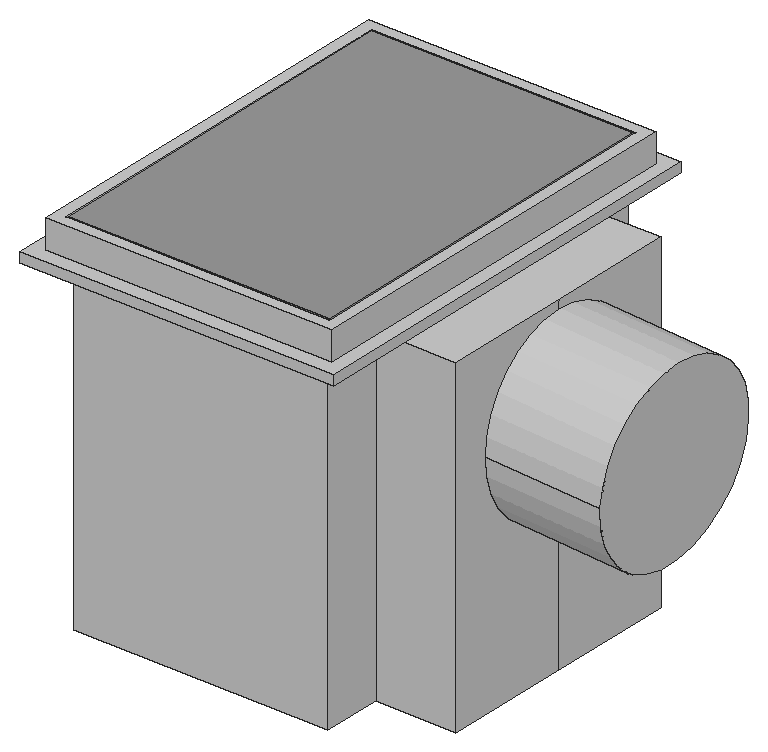
Revit family "HL_RU_Basement drain_HL71G-A-171212", category Instalační zařizovací předměty, Revit 2021
Family settings
  Kóta kulaté spojky = Použít průměr
  Typ dílu = Normální
  Číslo OmniClass = 23.70.50.21.24.14
  Nadpis OmniClass = Deck Waste Water Drains
  Založené na pracovní rovině = Ne
  Vždy vertikální = Ano
  Ořezat dutým tvarem při načtení = Ne
  Sdílené = Ano
  Bod výpočtu místnosti = Ano
Parameters (values of type "HL_Трап для подвалов_HL71G")
  РЕШЁТКА = "155x225 mm/ GJL"
  РАЗМЕР = "DN110"
  ПРОПУСКНАЯ СПОСОБНОСТЬ [instance] = 0.0 L/s
  ПРОИЗВОДИТЕЛЬНОСТЬ = "2,3 l/s"
  ПРАВОВАЯ ИНФОРМАЦИЯ = "\"Авторские права(©), права на дизайн или какие либо другие права интелектуальной собственности являются исключительной собственностью компании HL Hutterer & Lechner. Изменению не подлежит. Файл семейства с данными о прозводителе изделия защищен паролем с водяным знаком.\""
  ПАДЕНИЕ ДАВЛЕНИЯ [instance] = 0.0 Pa
  НОМИНАЛЬНЫЙ ДИАМЕТР = 110 mm
  НАСАДКА = "170x240 mm"
  МАТЕРИАЛ = "ABS"
  МАКСИМАЛЬНАЯ НАГРУЗКА КЛАССА = "A/L15 - 1,5 t"
  ВЫСОТА МОНТАЖА = "220 mm"
  ВЕС = "2,7 kg"
  Výchozí výška = 0 mm
  Přípoj ventilace = no
  Výrobce = "HL Hutterer & Lechner GmbH"
  URL = "http://www.hutterer-lechner.com/ru/products/catalog/roof-drains/HL71G.aspx"
  Přípoj odpadních dílů = yes
  Přípoj HW = no
  Popis = "Трап для подвалов"
  Model = "HL71G"
  Komentáře k typům = "Трап для подвалов DN110 горизонтальный 170х240мм синтетический материал/155х225мм чугун"
  Keynote = "HL71G"
  Высота монтажа [instance] = 0 mm
  Přípoj CW = no
  EAN = "9003076701711"
  D1 [instance] = 192.4 mm
  D [instance] = Высота монтажа + 56.6 mm  # 56.6 mm
  C [instance] = Высота монтажа + 56.6 mm  # 56.6 mm
  B [instance] = Высота монтажа + 86 mm  # 86 mm
  A [instance] = if(B - 100 mm > 15 mm, B - 100 mm, 15 mm)  # 15 mm
Types (2, lengths in mm): name | URL | Popis | Komentáře k typům
  (no name) | "http://www.hutterer-lechner.com/en/products/catalog/roof-drains/HL71G.aspx" | "Anti flood valves" | "basement drain DN110 horizontal 170x240mm plastic/155x225mm cast iron"
  HL_Трап для подвалов_HL71G | "http://www.hutterer-lechner.com/ru/products/catalog/roof-drains/HL71G.aspx" | "Трап для подвалов" | "Трап для подвалов DN110 горизонтальный 170х240мм синтетический материал/155х225мм чугун"
Values of the unnamed type that differ from the named types
  ПРАВОВАЯ ИНФОРМАЦИЯ = "\"Copyright (©), design rights or any other intellectual property rights, shall be the exclusive property of HL Hutterer & Lechner GmbH. Modification is not allowed. Family has been watermarked.\""
  Model = "HL_Basement drain_HL71G"
  Keynote = "HL_Basement drain_HL71G"
Reference planes
  plane 1 "Center (Front/Back)": y = 0
  plane 2: z = 0
  plane 3 "Center (Left/Right)": x = 0
  plane 4 "Ball Joint Vertical": x = 25.45
  plane 5: z = 0
  plane 6: z = -86
Lines and regions (mm)
  model lines, style "InvisibleLines"
    curve 1: line (0, 0, 0) -> (0, 0, 560)
  reference lines
    curve 2: line (162.4, 0, -86) -> (192.4, 0, -86)
  model lines, detail levels coarse+medium
    curve 3: line (0, 0, -86) -> (0, 0, -71)
    curve 4: line (0, 0, -71) -> (71, 0, 0)
    curve 5: line (0, 0, -71) -> (-71, 0, 0)
    curve 6: line (0, 0, -86) -> (192.4, 0, -86)
  symbolic lines, style "PlumbingFixtures", detail levels coarse+medium
    curve 7: line (-75, 75, 0) -> (75, 75, 0)
    curve 8: line (-75, -75, 0) -> (-75, 75, 0)
    curve 9: line (75, -75, 0) -> (-75, -75, 0)
    curve 10: line (75, 75, 0) -> (75, -75, 0)
    curve 11: line (-75, 75, 0) -> (-145.711, 145.711, 0)
    curve 12: line (75, 75, 0) -> (145.711, 145.711, 0)
    curve 13: line (-75, -75, 0) -> (-145.711, -145.711, 0)
    curve 14: line (75, -75, 0) -> (145.711, -145.711, 0)
  symbolic lines, style "PlumbingFixtures", not visible, detail levels coarse+medium
    curve 15: line (-75, 75, 0) -> (75, 75, 0)
    curve 16: line (-75, -75, 0) -> (-75, 75, 0)
    curve 17: line (75, -75, 0) -> (-75, -75, 0)
    curve 18: line (75, 75, 0) -> (75, -75, 0)
    curve 19: line (-75, 75, 0) -> (-145.711, 145.711, 0)
    curve 20: line (75, 75, 0) -> (145.711, 145.711, 0)
    curve 21: line (-75, -75, 0) -> (-145.711, -145.711, 0)
    curve 22: line (75, -75, 0) -> (145.711, -145.711, 0)
Text (mm)
  text "FLOOR" at (-198.233, 0, -26.556), in view "вид строительства"
Dimensions and locks
  locked: plane 4 "Ball Joint Vertical" to plane 3 "Center (Left/Right)" at 25.45
  "Высота монтажа": plane 2 to plane 5
  "A": curve 5 to plane 6
  "B": curve 5 to plane 6
  "B": curve 4 to plane 6
  "B": plane 2 to plane 6
  "B": plane 2 to curve 6
  "D1": curve 2 to plane 3 "Center (Left/Right)"
  "D1": curve 6 to plane 3 "Center (Left/Right)"
  locked: curve 4 to plane 3 "Center (Left/Right)" (angle 45.00°)
  locked: plane 3 "Center (Left/Right)" to curve 5 (angle 45.00°)
  aligned and locked: level to plane 2
  aligned and locked: plane 2 to curve 1
  aligned and locked: plane 3 "Center (Left/Right)" to curve 1
  aligned and locked: plane 3 "Center (Left/Right)" to curve 5
  aligned and locked: curve 2 to plane 6
  aligned and locked: plane 5 to nested 1
  aligned and locked: plane 3 "Center (Left/Right)" to nested 1
  aligned and locked: plane 3 "Center (Left/Right)" to nested 2
  aligned and locked: plane 2 to nested 2
Automatic sketch dimensions
  level to curve 1 = 560 mm
  curve 2 to curve 2 = 30 mm
Nested families
  nested 1: "HL-Трап для подвалов-HL71G" at (0, 0, 0), type "HL-Трап для подвалов-HL71G"
  nested 2: "HL-Чугунная решетка для сливного отверстия-HL071.2E" at (0, 0, 0), type "HL-Чугунная решетка для сливного отверстия-HL071.2E"
Connectors
  piping at (192.4, 0, -86), diameter 110, driven by "НОМИНАЛЬНЫЙ ДИАМЕТР", driven by "ПРОПУСКНАЯ СПОСОБНОСТЬ"
    settings: on curve 2, index 1, connector inside diameter 609.6 mm, connector length 0 mm, flow factor 0, pipe flow 0.0 L/s, pressure drop 0.0 Pa, fitting loss kfactor 0, connector angle 0.00°, fixture units 0, engagement length 0 mm, angle of deflection 0.00°, flow configuration 1, flow direction 2, fitting loss method 0, system type 16, joint type 0, gender type 0, connector reference index -1, connector utility 0, adjustable connector yes, is connector primary yes, connector description ""
Definition of nested family "HL-Трап для подвалов-HL71G"
  Parameters (values of type "HL-Трап для подвалов-HL71G")
    Manufacturer = ""
    Default Elevation = 0 mm
    URL = ""
    Description = ""
    Model = ""
    Type Comments = ""
    Cost = 0
  Reference planes
    plane 1 "Střed (vpředu/vzadu)": y = 0
    plane 2: z = 0
    plane 3 "Střed (vlevo/vpravo)": x = 0
  Forms (mm)
    Extrusion 1, solid, detail levels fine
      sketch origin (0, 0, 0) x (0, 1, 0) y (-1, 0, 0)
        loop
          line (120, -85) -> (120, 85) -> (-120, 85) -> (-120, -85) -> (120, -85)
        loop
          line (-113.5, 78.5) -> (-113.5, -78.5) -> (113.5, -78.5) -> (113.5, 78.5) -> (-113.5, 78.5)
      from 0 to -17
    Extrusion 2, solid, detail levels fine
      sketch origin (0, 0, -17) x (-1, 0, 0) y (0, 1, 0)
        loop
          line (-93, 129) -> (-93, -129) -> (93, -129) -> (93, 129) -> (-93, 129)
      from 0 to 6
    Extrusion 3, solid, detail levels fine
      sketch origin (0, 0, -23) x (0, -1, 0) y (-1, 0, 0)
        loop
          line (0, -123.5) -> (76, -123.5) -> (76, -75.5) -> (111, -75.5) -> (111, 75.5) -> (0, 75.5) -> (-111, 75.5) -> (-111, -75.5) -> (-76, -75.5) -> (-76, -123.5) -> (0, -123.5)
      from 0 to 197
    Sweep 4, solid, detail levels fine
      path origin (0, 0, 0) x (-1, 0, 0) y (0, 0, 1)
        loop
          line (-194.993, -31.29) -> (-123.5, -27.543)
      profile origin (159.247, 0, -29.416) x (0.052336, 0, 0.99863) y (0, 1, 0)
        loop
          circle (-55, 0) r 55
  Dimensions and locks
    aligned and locked: level to plane 2
Definition of nested family "HL-Чугунная решетка для сливного отверстия-HL071.2E"
  Parameters
    РАЗМЕР = "155x225mm"
    ПРАВОВАЯ ИНФОРМАЦИЯ = "\"Copyright (©), design rights or any other intellectual property rights, shall be the exclusive property of HL Hutterer & Lechner GmbH. Modification is not allowed. Family has been watermarked.\""
    МАТЕРИАЛ = "GJL"
    МАКСИМАЛЬНАЯ НАГРУЗКА КЛАССА = "A/L15 - 1,5 t"
    ВЕС = "1,74 kg"
    Manufacturer = "HL Hutterer & Lechner GmbH"
    Default Elevation = 0 mm
    URL = "http://www.hutterer-lechner.com/en/products/catalog/roof-drains/HL071.2E.aspx"
    Description = "Attachments"
    Model = "HL071.2E"
    Type Comments = "cast iron grate 155x225mm"
    Keynote = "HL071.2E"
    EAN = "9003076007127"
    Cost = 0
  Types (2, lengths in mm): name | ПРАВОВАЯ ИНФОРМАЦИЯ | URL | Description | Type Comments
    (no name) | "\"Copyright (©), design rights or any other intellectual property rights, shall be the exclusive property of HL Hutterer & Lechner GmbH. Modification is not allowed. Family has been watermarked.\"" | "http://www.hutterer-lechner.com/en/products/catalog/roof-drains/HL071.2E.aspx" | "Attachments" | "cast iron grate 155x225mm"
    HL-Чугунная решетка для сливного отверстия-HL071.2E | "\"Авторские права(©), права на дизайн или какие либо другие права интелектуальной собственности являются исключительной собственностью компании HL Hutterer & Lechner. Изменению не подлежит. Файл семейства с данными о прозводителе изделия защищен паролем с водяным знаком.\"" | "http://www.hutterer-lechner.com/ru/products/catalog/roof-drains/HL071.2E.aspx" | "Вспомогательные материалы" | "Чугунная решетка для сливного отверстия 155х225мм"
  Reference planes
    plane 1 "Střed (vpředu/vzadu)": y = 0
    plane 2: z = 0
    plane 3 "Střed (vlevo/vpravo)": x = 0
  Forms (mm)
    Extrusion 1, solid, detail levels fine
      sketch origin (0, 0, 0) x (1, 0, 0) y (0, 1, 0)
        loop
          line (77.5, -112.5) -> (77.5, 112.5) -> (-77.5, 112.5) -> (-77.5, -112.5) -> (77.5, -112.5)
      from 0 to -20
  Lines and regions (mm)
    model lines, detail levels fine
      curve 1: line (59, -95, 0) -> (51, -95, 0)
      curve 2: line (59, -45, 0) -> (59, -95, 0)
      curve 3: line (51, -45, 0) -> (59, -45, 0)
      curve 4: line (51, -95, 0) -> (51, -45, 0)
      curve 5: line (59, -35, 0) -> (51, -35, 0)
      curve 6: line (59, 35, 0) -> (59, -35, 0)
      curve 7: line (51, 35, 0) -> (59, 35, 0)
      curve 8: line (51, -35, 0) -> (51, 35, 0)
      curve 9: line (37, -95, 0) -> (29, -95, 0)
      curve 10: line (37, -7, 0) -> (37, -95, 0)
      curve 11: line (29, -7, 0) -> (37, -7, 0)
      curve 12: line (29, -95, 0) -> (29, -7, 0)
      curve 13: line (15, -95, 0) -> (7, -95, 0)
      curve 14: line (15, -7, 0) -> (15, -95, 0)
      curve 15: line (7, -7, 0) -> (15, -7, 0)
      curve 16: line (7, -95, 0) -> (7, -7, 0)
      curve 17: line (15, 7, 0) -> (7, 7, 0)
      curve 18: line (15, 95, 0) -> (15, 7, 0)
      curve 19: line (7, 95, 0) -> (15, 95, 0)
      curve 20: line (7, 7, 0) -> (7, 95, 0)
      curve 21: line (37, 7, 0) -> (29, 7, 0)
      curve 22: line (37, 95, 0) -> (37, 7, 0)
      curve 23: line (29, 95, 0) -> (37, 95, 0)
      curve 24: line (29, 7, 0) -> (29, 95, 0)
      curve 25: line (59, 45, 0) -> (51, 45, 0)
      curve 26: line (59, 95, 0) -> (59, 45, 0)
      curve 27: line (51, 95, 0) -> (59, 95, 0)
      curve 28: line (51, 45, 0) -> (51, 95, 0)
      curve 29: line (-59, -95, 0) -> (-51, -95, 0)
      curve 30: line (-59, -45, 0) -> (-59, -95, 0)
      curve 31: line (-51, -45, 0) -> (-59, -45, 0)
      curve 32: line (-51, -95, 0) -> (-51, -45, 0)
      curve 33: line (-59, -35, 0) -> (-51, -35, 0)
      curve 34: line (-59, 35, 0) -> (-59, -35, 0)
      curve 35: line (-51, 35, 0) -> (-59, 35, 0)
      curve 36: line (-51, -35, 0) -> (-51, 35, 0)
      curve 37: line (-37, -95, 0) -> (-29, -95, 0)
      curve 38: line (-37, -7, 0) -> (-37, -95, 0)
      curve 39: line (-29, -7, 0) -> (-37, -7, 0)
      curve 40: line (-29, -95, 0) -> (-29, -7, 0)
      curve 41: line (-15, -95, 0) -> (-7, -95, 0)
      curve 42: line (-15, -7, 0) -> (-15, -95, 0)
      curve 43: line (-7, -7, 0) -> (-15, -7, 0)
      curve 44: line (-7, -95, 0) -> (-7, -7, 0)
      curve 45: line (-15, 7, 0) -> (-7, 7, 0)
      curve 46: line (-15, 95, 0) -> (-15, 7, 0)
      curve 47: line (-7, 95, 0) -> (-15, 95, 0)
      curve 48: line (-7, 7, 0) -> (-7, 95, 0)
      curve 49: line (-37, 7, 0) -> (-29, 7, 0)
      curve 50: line (-37, 95, 0) -> (-37, 7, 0)
      curve 51: line (-29, 95, 0) -> (-37, 95, 0)
      curve 52: line (-29, 7, 0) -> (-29, 95, 0)
      curve 53: line (-59, 45, 0) -> (-51, 45, 0)
      curve 54: line (-59, 95, 0) -> (-59, 45, 0)
      curve 55: line (-51, 95, 0) -> (-59, 95, 0)
      curve 56: line (-51, 45, 0) -> (-51, 95, 0)
  Dimensions and locks
    aligned and locked: level to plane 2
